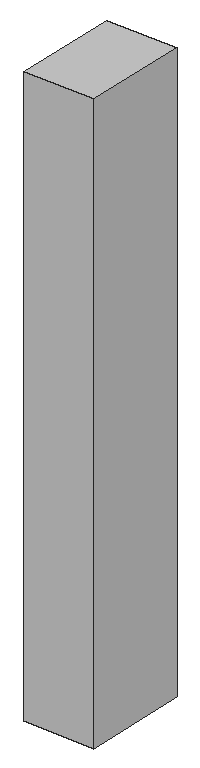
Revit family "7b75285b8170427eb40939635514fab9", category Pilares estructurales, Revit 2026
Family settings
  Mostrar en vistas ocultas = Bordes ocultos por otros elementos
  Forma de sección = Sin definir
  Material para comportamiento de modelo = Hormigón
  Exportar siempre como geometría = No
  Reducción de viga en plano = Desde cuadro de delimitación
  Corte con vacíos al cargar = No
  Representación simbólica = Desde familia
  Compartido = No
  Mostrar corte previo de familia en vistas de plano = Sí
Parameters (values of type "300 x 450")
  b = 300 mm
  h = 450 mm
  Structural Material [instance] = Hormigón - Hormigón moldeado in situ
Types (4, lengths in mm): name | b | h
  (no name) | 300 | 450
  300 x 450 | 300 | 450
  450 x 600 | 450 | 600
  600 x 750 | 600 | 750
Reference planes
  plane 1 "Centro (Frontal/Posterior)": y = 0
  plane 2: z = 0
  plane 3 "Centro (Izquierda/Derecha)": x = 0
  plane 4: x = -150
  plane 5: x = 150
  plane 6: y = 225
  plane 7: y = -225
Forms (mm)
  Extrusion 1, solid, material "Hormigón - Hormigón moldeado in situ" <- "Structural Material"
    sketch origin (0, 0, 0) x (1, 0, 0) y (0, 1, 0)
      loop
        line (-150, 225) -> (-150, -225) -> (150, -225) -> (150, 225) -> (-150, 225)
    from 0 to 2500
Dimensions and locks
  equal spacing: plane 4, plane 3 "Centro (Izquierda/Derecha)", plane 5
  equal spacing: plane 7, plane 1 "Centro (Frontal/Posterior)", plane 6
  "h": plane 7 to plane 6
  "b": plane 4 to plane 5
  aligned and locked: plane 6 to Extrusion 1 sketch curve
  aligned and locked: Extrusion 1 sketch curve to plane 7
  aligned and locked: Extrusion 1 sketch curve to plane 4
  aligned and locked: plane 5 to Extrusion 1 sketch curve
  aligned and locked: level to Extrusion 1
  aligned and locked: level to plane 2
  aligned and locked: Extrusion 1 to plane 2
